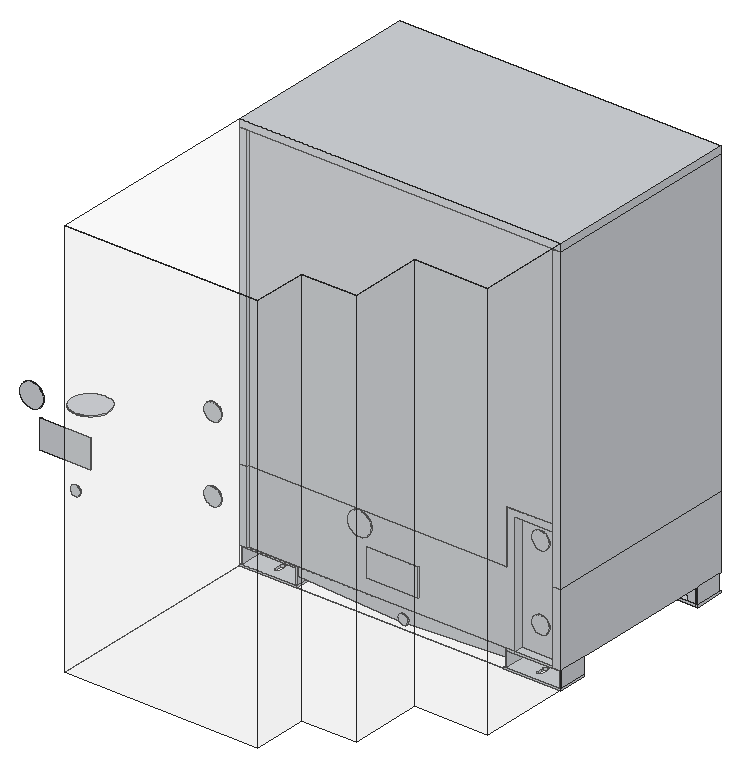
Revit family "pqry-p224_1000(s)dmg9_60Hz", category 機械設備, Revit 2019 (continued)
Definition of nested family "outline_w"
  Lines and regions (mm)
    model lines, not visible, detail levels fine
      curve 13: line (460, -150.779, 1289.179) -> (460, -95.75, 1289.179)
      curve 14: line (460, -150.779, 1056.056) -> (460, -150.779, 1289.179)
      curve 15: line (460, -95.75, 1056.056) -> (460, -150.779, 1056.056)
      curve 16: line (460, -95.75, 1289.179) -> (460, -95.75, 1056.056)
      curve 17: line (460, -150.779, 1283.175) -> (460, -132.596, 1283.175)
      curve 18: line (460, -150.779, 1062.059) -> (460, -150.779, 1283.175)
      curve 19: line (460, -132.596, 1062.059) -> (460, -150.779, 1062.059)
      curve 20: line (460, -132.596, 1283.175) -> (460, -132.596, 1062.059)
      curve 21: line (460, 178.667, 1046.051) -> (460, 297.73, 1046.051)
      curve 22: line (460, 178.667, 812.928) -> (460, 178.667, 1046.051)
      curve 23: line (460, 297.73, 812.928) -> (460, 178.667, 812.928)
      curve 24: line (460, 297.73, 1046.051) -> (460, 297.73, 812.928)
      curve 25: line (460, 47.598, 1046.051) -> (460, 166.661, 1046.051)
      curve 26: line (460, 47.598, 812.928) -> (460, 47.598, 1046.051)
      curve 27: line (460, 166.661, 812.928) -> (460, 47.598, 812.928)
      curve 28: line (460, 166.661, 1046.051) -> (460, 166.661, 812.928)
      curve 29: line (460, -83.471, 1046.051) -> (460, 35.592, 1046.051)
      curve 30: line (460, -83.471, 812.928) -> (460, -83.471, 1046.051)
      curve 31: line (460, 35.592, 812.928) -> (460, -83.471, 812.928)
      curve 32: line (460, 35.592, 1046.051) -> (460, 35.592, 812.928)
      curve 33: line (460, -150.779, 1046.051) -> (460, -95.75, 1046.051)
      curve 34: line (460, -150.779, 812.928) -> (460, -150.779, 1046.051)
      curve 35: line (460, -95.75, 812.928) -> (460, -150.779, 812.928)
      curve 36: line (460, -95.75, 1046.051) -> (460, -95.75, 812.928)
      curve 37: line (460, -150.779, 1040.048) -> (460, -132.596, 1040.048)
      curve 38: line (460, -150.779, 818.931) -> (460, -150.779, 1040.048)
      curve 39: line (460, -132.596, 818.931) -> (460, -150.779, 818.931)
      curve 40: line (460, -132.596, 1040.048) -> (460, -132.596, 818.931)
      curve 41: line (460, 178.667, 802.923) -> (460, 297.73, 802.923)
      curve 42: line (460, 178.667, 569.8) -> (460, 178.667, 802.923)
      curve 43: line (460, 297.73, 569.8) -> (460, 178.667, 569.8)
      curve 44: line (460, 297.73, 802.923) -> (460, 297.73, 569.8)
      curve 45: line (460, 47.598, 802.923) -> (460, 166.661, 802.923)
      curve 46: line (460, 47.598, 569.8) -> (460, 47.598, 802.923)
      curve 47: line (460, 166.661, 569.8) -> (460, 47.598, 569.8)
      curve 48: line (460, 166.661, 802.923) -> (460, 166.661, 569.8)
      curve 49: line (460, -83.471, 802.923) -> (460, 35.592, 802.923)
      curve 50: line (460, -83.471, 569.8) -> (460, -83.471, 802.923)
      curve 51: line (460, 35.592, 569.8) -> (460, -83.471, 569.8)
      curve 52: line (460, 35.592, 802.923) -> (460, 35.592, 569.8)
      curve 53: line (460, -150.779, 802.923) -> (460, -95.75, 802.923)
      curve 54: line (460, -150.779, 569.8) -> (460, -150.779, 802.923)
      curve 55: line (460, -95.75, 569.8) -> (460, -150.779, 569.8)
      curve 56: line (460, -95.75, 802.923) -> (460, -95.75, 569.8)
      curve 57: line (460, -150.779, 796.92) -> (460, -132.596, 796.92)
      curve 58: line (460, -150.779, 575.803) -> (460, -150.779, 796.92)
      curve 59: line (460, -132.596, 575.803) -> (460, -150.779, 575.803)
      curve 60: line (460, -132.596, 796.92) -> (460, -132.596, 575.803)
      curve 61: line (460, 178.667, 559.795) -> (460, 297.73, 559.795)
      curve 62: line (460, 178.667, 326.672) -> (460, 178.667, 559.795)
      curve 63: line (460, 297.73, 326.672) -> (460, 178.667, 326.672)
      curve 64: line (460, 297.73, 559.795) -> (460, 297.73, 326.672)
      curve 65: line (460, 47.598, 559.795) -> (460, 166.661, 559.795)
      curve 66: line (460, 47.598, 326.672) -> (460, 47.598, 559.795)
      curve 67: line (460, 166.661, 326.672) -> (460, 47.598, 326.672)
      curve 68: line (460, 166.661, 559.795) -> (460, 166.661, 326.672)
      curve 69: line (460, -83.471, 559.795) -> (460, 35.592, 559.795)
      curve 70: line (460, -83.471, 326.672) -> (460, -83.471, 559.795)
      curve 71: line (460, 35.592, 326.672) -> (460, -83.471, 326.672)
      curve 72: line (460, 35.592, 559.795) -> (460, 35.592, 326.672)
      curve 73: line (460, -150.779, 559.795) -> (460, -95.75, 559.795)
      curve 74: line (460, -150.779, 326.672) -> (460, -150.779, 559.795)
      curve 75: line (460, -95.75, 326.672) -> (460, -150.779, 326.672)
      curve 76: line (460, -95.75, 559.795) -> (460, -95.75, 326.672)
      curve 77: line (460, -150.779, 553.792) -> (460, -132.596, 553.792)
      curve 78: line (460, -150.779, 332.675) -> (460, -150.779, 553.792)
      curve 79: line (460, -132.596, 332.675) -> (460, -150.779, 332.675)
      curve 80: line (460, -132.596, 553.792) -> (460, -132.596, 332.675)
      curve 81: line (460, 178.667, 316.667) -> (460, 297.73, 316.667)
      curve 82: line (460, 178.667, 83.544) -> (460, 178.667, 316.667)
      curve 83: line (460, 297.73, 83.544) -> (460, 178.667, 83.544)
      curve 84: line (460, 297.73, 316.667) -> (460, 297.73, 83.544)
      curve 85: line (460, 47.598, 316.667) -> (460, 166.661, 316.667)
      curve 86: line (460, 47.598, 83.544) -> (460, 47.598, 316.667)
      curve 87: line (460, 166.661, 83.544) -> (460, 47.598, 83.544)
      curve 88: line (460, 166.661, 316.667) -> (460, 166.661, 83.544)
      curve 89: line (460, -83.471, 316.667) -> (460, 35.592, 316.667)
      curve 90: line (460, -83.471, 83.544) -> (460, -83.471, 316.667)
      curve 91: line (460, 35.592, 83.544) -> (460, -83.471, 83.544)
      curve 92: line (460, 35.592, 316.667) -> (460, 35.592, 83.544)
      curve 93: line (460, -150.779, 316.667) -> (460, -95.75, 316.667)
      curve 94: line (460, -150.779, 83.544) -> (460, -150.779, 316.667)
      curve 95: line (460, -95.75, 83.544) -> (460, -150.779, 83.544)
      curve 96: line (460, -95.75, 316.667) -> (460, -95.75, 83.544)
      curve 97: line (460, -150.779, 310.664) -> (460, -132.596, 310.664)
      curve 98: line (460, -150.779, 89.547) -> (460, -150.779, 310.664)
      curve 99: line (460, -132.596, 89.547) -> (460, -150.779, 89.547)
      curve 100: line (460, -132.596, 310.664) -> (460, -132.596, 89.547)
  Dimensions and locks
    "Depth": plane 4 to plane 5
    equal spacing: plane 4, plane 1 "中心(正面/背面)", plane 5
    "W": plane 6 to plane 14
    locked: plane 9 "本体下部" to plane 2 at 54
    plane 4 to plane 10 = 740.00 mm
    plane 11 "電源高さ" to level = 262.00 mm
    plane 8 to plane 7 = 303.00 mm
    plane 7 to plane 2 = 797.00 mm
    "Height": plane 8 to plane 2
    level to plane 12 "冷媒管高さ" = 262.00 mm
    locked: plane 9 "本体下部" to plane 13 "冷媒操作弁ガス芯4" at 1
    equal spacing: plane 6, plane 3 "中心(左/右)", plane 14
    plane 17 to level = 262.00 mm
  Automatic sketch dimensions
    plane 4 to Extrusion 1 sketch curve = 0.00 mm
    Extrusion 1 sketch curve to plane 6 = 0.00 mm
    Extrusion 1 sketch curve to plane 14 = 0.00 mm
    plane 5 to Extrusion 1 sketch curve = 0.00 mm
Types (20, lengths in mm): name | 音響パワーレベル(dB) | 電動機出力_圧縮機 | 運転質量 | 製品質量 | 熱源水量 | 消費電力_暖房 | 消費電力_冷房 | 消費電力 | 水熱交換機器　保有水量 | 最小電線太さ_mm2 | 最大電流値 | 暖房能力 | 損失水頭_熱源水一次側 | 推奨ブレーカー容量 | 冷媒液管径 | 冷媒ガス管径 | ユニット2 | 冷房能力 | 冷媒管径符号 | ユニット数 | ユニット2電源幅 | ユニット2ダクト左位置 | ユニット2水配管出口高さ | ユニット2水配管出口幅 | ユニット2水配管入口高さ | ユニット2水配管入口幅 | ユニット2冷媒高圧径 | ユニット2冷媒管高さ | ユニット2冷媒管幅 | ユニット2冷媒管奥行き | ユニット2冷媒低圧径 | ユニット2ドレン幅 | ユニット2表示 | ユニット1 | ユニット1電源幅 | ユニット1ダクト左位置 | ユニット1水配管出口高さ | ユニット1水配管出口幅 | ユニット1水配管入口高さ | ユニット1水配管入口幅 | ユニット1冷媒高圧径 | ユニット1冷媒管高さ | ユニット1冷媒管幅 | ユニット1冷媒管奥行き | ユニット1冷媒低圧径 | ユニット1ドレン幅 | モデル | URL | OUTLINE_2 | OUTLINE_1 | Height
  PQRY-P224DMG9 | 67 | 5.1 kW | 178.00 kg | 173.00 kg | 5.76 m³/h | 3.57 kW | 4.05 kW | 4.05 kW | 4.6 | 5.5 | 20 A | 25 kW | 24000.0 Pa | 30 A | 15.88 | 19.05 | PQRY-P-DMG① : PQRY-P224DMG9 | 22.4 kW | "De" | 1 | 555.00 | 394.00 | 208.00 | 77.00 | 124.00 | 77.00 | 15.88 | 185.00 | 463.50 | 91.00 | 19.05 | 435.00 | no | PQRY-P-DMG① : PQRY-P224DMG9 | 555.00 | 394.00 | 208.00 | 77.00 | 124.00 | 77.00 | 15.88 | 185.00 | 463.50 | 91.00 | 19.05 | 435.00 | "PQRY-P224DMG9" | "https://www.mitsubishielectric.co.jp/ldg/wink/qr/002/331987/" | outline_w : outline_s | outline_w : outline_s | 1100.00
  PQRY-P280DMG9 | 68.5 | 7.1 kW | 178.00 kg | 173.00 kg | 5.76 m³/h | 5.43 kW | 6.46 kW | 6.46 kW | 4.6 | 8 | 31.9 A | 31.5 kW | 24000.0 Pa | 40 A | 19.05 | 22.20 | PQRY-P-DMG① : PQRY-P280DMG9 | 28 kW | "Ef" | 1 | 555.00 | 394.00 | 208.00 | 77.00 | 124.00 | 77.00 | 19.05 | 185.00 | 463.50 | 91.00 | 22.20 | 435.00 | no | PQRY-P-DMG① : PQRY-P280DMG9 | 555.00 | 394.00 | 208.00 | 77.00 | 124.00 | 77.00 | 19.05 | 185.00 | 463.50 | 91.00 | 22.20 | 435.00 | "PQRY-P280DMG9" | "https://www.mitsubishielectric.co.jp/ldg/wink/qr/002/331988/" | outline_w : outline_s | outline_w : outline_s | 1100.00
  PQRY-P335DMG9 | 72.5 | 7.9 kW | 178.00 kg | 173.00 kg | 5.76 m³/h | 6.42 kW | 7.59 kW | 7.59 kW | 4.6 | 14 | 37.5 A | 37.5 kW | 24000.0 Pa | 40 A | 19.05 | 22.20 | PQRY-P-DMG① : PQRY-P335DMG9 | 33.5 kW | "Ef" | 1 | 555.00 | 394.00 | 208.00 | 77.00 | 124.00 | 77.00 | 19.05 | 185.00 | 463.50 | 91.00 | 22.20 | 435.00 | no | PQRY-P-DMG① : PQRY-P335DMG9 | 555.00 | 394.00 | 208.00 | 77.00 | 124.00 | 77.00 | 19.05 | 185.00 | 463.50 | 91.00 | 22.20 | 435.00 | "PQRY-P335DMG9" | "https://www.mitsubishielectric.co.jp/ldg/wink/qr/002/331989/" | outline_w : outline_s | outline_w : outline_s | 1100.00
  PQRY-P400DMG9 | 71 | 9.5 kW | 255.00 kg | 250.00 kg | 11.52 m³/h | 6.97 kW | 8.65 kW | 8.65 kW | 9.2 | 14 | 42.7 A | 45 kW | 45000.0 Pa | 50 A | 19.05 | 25.40 | PQRY-P-DMG② : PQRY-P400DMG9 | 40 kW | "Eｇ" | 1 | 554.00 | 393.00 | 320.00 | 82.00 | 367.00 | 82.00 | 19.05 | 278.00 | 467.50 | 84.00 | 25.40 | 434.00 | no | PQRY-P-DMG② : PQRY-P400DMG9 | 554.00 | 393.00 | 320.00 | 82.00 | 367.00 | 82.00 | 19.05 | 278.00 | 467.50 | 84.00 | 25.40 | 434.00 | "PQRY-P400DMG9" | "https://www.mitsubishielectric.co.jp/ldg/wink/qr/002/331990/" | outline_w : outline_L | outline_w : outline_L | 1450.00
  PQRY-P450DMG9 | 71 | 10.2 kW | 255.00 kg | 250.00 kg | 11.52 m³/h | 7.05 kW | 9.37 kW | 9.37 kW | 9.2 | 14 | 46.3 A | 50 kW | 45000.0 Pa | 50 A | 22.20 | 28.58 | PQRY-P-DMG② : PQRY-P450DMG9 | 45 kW | "Fh" | 1 | 554.00 | 393.00 | 320.00 | 82.00 | 367.00 | 82.00 | 22.20 | 278.00 | 467.50 | 84.00 | 28.58 | 434.00 | no | PQRY-P-DMG② : PQRY-P450DMG9 | 554.00 | 393.00 | 320.00 | 82.00 | 367.00 | 82.00 | 22.20 | 278.00 | 467.50 | 84.00 | 28.58 | 434.00 | "PQRY-P450DMG9" | "https://www.mitsubishielectric.co.jp/ldg/wink/qr/002/331991/" | outline_w : outline_L | outline_w : outline_L | 1450.00
  PQRY-P500DMG9 | 71.5 | 12.3 kW | 255.00 kg | 250.00 kg | 11.52 m³/h | 8.73 kW | 11.9 kW | 11.9 kW | 9.2 | 22 | 58.8 A | 56 kW | 45000.0 Pa | 75 A | 22.20 | 28.58 | PQRY-P-DMG② : PQRY-P500DMG9 | 50 kW | "Fh" | 1 | 554.00 | 393.00 | 320.00 | 82.00 | 367.00 | 82.00 | 22.20 | 278.00 | 467.50 | 84.00 | 28.58 | 434.00 | no | PQRY-P-DMG② : PQRY-P500DMG9 | 554.00 | 393.00 | 320.00 | 82.00 | 367.00 | 82.00 | 22.20 | 278.00 | 467.50 | 84.00 | 28.58 | 434.00 | "PQRY-P500DMG9" | "https://www.mitsubishielectric.co.jp/ldg/wink/qr/002/331992/" | outline_w : outline_L | outline_w : outline_L | 1450.00
  PQRY-P560DMG9 | 72 | 13.3 kW | 255.00 kg | 250.00 kg | 11.52 m³/h | 9.93 kW | 13.9 kW | 13.9 kW | 9.2 | 22 | 64.7 A | 63 kW | 45000.0 Pa | 75 A | 22.20 | 28.58 | PQRY-P-DMG② : PQRY-P560DMG9 | 56 kW | "Fh" | 1 | 554.00 | 393.00 | 320.00 | 82.00 | 367.00 | 82.00 | 22.20 | 278.00 | 467.50 | 84.00 | 28.58 | 434.00 | no | PQRY-P-DMG② : PQRY-P560DMG9 | 554.00 | 393.00 | 320.00 | 82.00 | 367.00 | 82.00 | 22.20 | 278.00 | 467.50 | 84.00 | 28.58 | 434.00 | "PQRY-P560DMG9" | "https://www.mitsubishielectric.co.jp/ldg/wink/qr/002/331993/" | outline_w : outline_L | outline_w : outline_L | 1450.00
  PQRY-P630DMG9 | 73 | 16 kW | 255.00 kg | 250.00 kg | 11.52 m³/h | 11.8 kW | 16.6 kW | 16.6 kW | 9.2 | 22 | 64.7 A | 69 kW | 45000.0 Pa | 75 A | 25.40 | 28.58 | PQRY-P-DMG② : PQRY-P630DMG9 | 63 kW | "Gh" | 1 | 554.00 | 393.00 | 320.00 | 82.00 | 367.00 | 82.00 | 25.40 | 278.00 | 467.50 | 84.00 | 28.58 | 434.00 | no | PQRY-P-DMG② : PQRY-P630DMG9 | 554.00 | 393.00 | 320.00 | 82.00 | 367.00 | 82.00 | 25.40 | 278.00 | 467.50 | 84.00 | 28.58 | 434.00 | "PQRY-P630DMG9" | "https://www.mitsubishielectric.co.jp/ldg/wink/qr/002/331994/" | outline_w : outline_L | outline_w : outline_L | 1450.00
  PQRY-P670DMG9 | 73.5 | 16.1 kW | 255.00 kg | 250.00 kg | 11.52 m³/h | 13.7 kW | 18.1 kW | 18.1 kW | 9.2 | 22 | 64.7 A | 77.5 kW | 45000.0 Pa | 75 A | 25.40 | 31.75 | PQRY-P-DMG② : PQRY-P670DMG9 | 67 kW | "Gi" | 1 | 554.00 | 393.00 | 320.00 | 82.00 | 367.00 | 82.00 | 25.40 | 278.00 | 467.50 | 84.00 | 31.75 | 434.00 | no | PQRY-P-DMG② : PQRY-P670DMG9 | 554.00 | 393.00 | 320.00 | 82.00 | 367.00 | 82.00 | 25.40 | 278.00 | 467.50 | 84.00 | 31.75 | 434.00 | "PQRY-P670DMG9" | "https://www.mitsubishielectric.co.jp/ldg/wink/qr/002/331995/" | outline_w : outline_L | outline_w : outline_L | 1450.00
  PQRY-P450SDMG9 | 70 | 10.2 kW | 356.00 kg | 346.00 kg | 11.52 m³/h | 6.72 kW | 8.45 kW | 8.45 kW | 9.2 | 14 | 41.7 A | 50 kW | 24000.0 Pa | 50 A | 22.20 | 28.58 | PQRY-P-DMG① : PQRY-P224DMG9 | 45 kW | "Fh" | 2 | 555.00 | 394.00 | 208.00 | 77.00 | 124.00 | 77.00 | 15.88 | 185.00 | 463.50 | 91.00 | 19.05 | 435.00 | yes | PQRY-P-DMG① : PQRY-P224DMG9 | 555.00 | 394.00 | 208.00 | 77.00 | 124.00 | 77.00 | 15.88 | 185.00 | 463.50 | 91.00 | 19.05 | 435.00 | "PQRY-P450SDMG9" | "https://www.mitsubishielectric.co.jp/ldg/wink/qr/002/331996/" | outline_w : outline_s | outline_w : outline_s | 1100.00
  PQRY-P500SDMG9 | 71 | 12.2 kW | 356.00 kg | 346.00 kg | 11.52 m³/h | 8.32 kW | 10.5 kW | 10.5 kW | 9.2 | 22 | 51.9 A | 56 kW | 24000.0 Pa | 60 A | 22.20 | 28.58 | PQRY-P-DMG① : PQRY-P224DMG9 | 50 kW | "Fh" | 2 | 555.00 | 394.00 | 208.00 | 77.00 | 124.00 | 77.00 | 15.88 | 185.00 | 463.50 | 91.00 | 19.05 | 435.00 | yes | PQRY-P-DMG① : PQRY-P280DMG9 | 555.00 | 394.00 | 208.00 | 77.00 | 124.00 | 77.00 | 19.05 | 185.00 | 463.50 | 91.00 | 22.20 | 435.00 | "PQRY-P500SDMG9" | "https://www.mitsubishielectric.co.jp/ldg/wink/qr/002/331997/" | outline_w : outline_s | outline_w : outline_s | 1100.00
  PQRY-P560SDMG9 | 71.5 | 14.2 kW | 356.00 kg | 346.00 kg | 11.52 m³/h | 9.47 kW | 12.6 kW | 12.6 kW | 9.2 | 22 | 59 A | 63 kW | 24000.0 Pa | 60 A | 22.20 | 28.58 | PQRY-P-DMG① : PQRY-P280DMG9 | 56 kW | "Fh" | 2 | 555.00 | 394.00 | 208.00 | 77.00 | 124.00 | 77.00 | 19.05 | 185.00 | 463.50 | 91.00 | 22.20 | 435.00 | yes | PQRY-P-DMG① : PQRY-P280DMG9 | 555.00 | 394.00 | 208.00 | 77.00 | 124.00 | 77.00 | 19.05 | 185.00 | 463.50 | 91.00 | 22.20 | 435.00 | "PQRY-P560SDMG9" | "https://www.mitsubishielectric.co.jp/ldg/wink/qr/002/331998/" | outline_w : outline_s | outline_w : outline_s | 1100.00
  PQRY-P630SDMG9 | 74 | 15 kW | 356.00 kg | 346.00 kg | 11.52 m³/h | 11.4 kW | 14.4 kW | 14.4 kW | 9.2 | 38 | 71.1 A | 69 kW | 24000.0 Pa | 75 A | 25.40 | 28.58 | PQRY-P-DMG① : PQRY-P280DMG9 | 63 kW | "Gh" | 2 | 555.00 | 394.00 | 208.00 | 77.00 | 124.00 | 77.00 | 19.05 | 185.00 | 463.50 | 91.00 | 22.20 | 435.00 | yes | PQRY-P-DMG① : PQRY-P335DMG9 | 555.00 | 394.00 | 208.00 | 77.00 | 124.00 | 77.00 | 19.05 | 185.00 | 463.50 | 91.00 | 22.20 | 435.00 | "PQRY-P630SDMG9" | "https://www.mitsubishielectric.co.jp/ldg/wink/qr/002/331999/" | outline_w : outline_s | outline_w : outline_s | 1100.00
  PQRY-P670SDMG9 | 75.5 | 15.8 kW | 356.00 kg | 346.00 kg | 11.52 m³/h | 13.2 kW | 15.2 kW | 15.2 kW | 9.2 | 38 | 75.1 A | 77.5 kW | 24000.0 Pa | 100 A | 25.40 | 31.75 | PQRY-P-DMG① : PQRY-P335DMG9 | 67 kW | "Gi" | 2 | 555.00 | 394.00 | 208.00 | 77.00 | 124.00 | 77.00 | 19.05 | 185.00 | 463.50 | 91.00 | 22.20 | 435.00 | yes | PQRY-P-DMG① : PQRY-P335DMG9 | 555.00 | 394.00 | 208.00 | 77.00 | 124.00 | 77.00 | 19.05 | 185.00 | 463.50 | 91.00 | 22.20 | 435.00 | "PQRY-P670SDMG9" | "https://www.mitsubishielectric.co.jp/ldg/wink/qr/002/332000/" | outline_w : outline_s | outline_w : outline_s | 1100.00
  PQRY-P730SDMG9 | 70.5 | 18 kW | 510.00 kg | 500.00 kg | 23.04 m³/h | 13.2 kW | 16 kW | 16 kW | 18.4 | 38 | 79 A | 82.5 kW | 90000.0 Pa | 100 A | 25.40 | 31.75 | PQRY-P-DMG② : PQRY-P355KDMG9 | 73 kW | "Gi" | 2 | 554.00 | 393.00 | 320.00 | 82.00 | 367.00 | 82.00 | 19.05 | 278.00 | 467.50 | 84.00 | 25.40 | 434.00 | yes | PQRY-P-DMG② : PQRY-P355KDMG9 | 554.00 | 393.00 | 320.00 | 82.00 | 367.00 | 82.00 | 19.05 | 278.00 | 467.50 | 84.00 | 25.40 | 434.00 | "PQRY-P730SDMG9" | "https://www.mitsubishielectric.co.jp/ldg/wink/qr/002/332001/" | outline_w : outline_L | outline_w : outline_L | 1450.00
  PQRY-P775SDMG9 | 74 | 19 kW | 510.00 kg | 500.00 kg | 23.04 m³/h | 14.1 kW | 17.3 kW | 17.3 kW | 18.4 | 60 | 85.5 A | 90 kW | 90000.0 Pa | 100 A | 28.58 | 31.75 | PQRY-P-DMG② : PQRY-P400DMG9 | 77.5 kW | "Hi" | 2 | 554.00 | 393.00 | 320.00 | 82.00 | 367.00 | 82.00 | 19.05 | 278.00 | 467.50 | 84.00 | 25.40 | 434.00 | yes | PQRY-P-DMG② : PQRY-P400DMG9 | 554.00 | 393.00 | 320.00 | 82.00 | 367.00 | 82.00 | 19.05 | 278.00 | 467.50 | 84.00 | 25.40 | 434.00 | "PQRY-P775SDMG9" | "https://www.mitsubishielectric.co.jp/ldg/wink/qr/002/332002/" | outline_w : outline_L | outline_w : outline_L | 1450.00
  PQRY-P850SDMG9 | 74 | 19.7 kW | 510.00 kg | 500.00 kg | 23.04 m³/h | 14.2 kW | 19.1 kW | 19.1 kW | 18.4 | 60 | 94.4 A | 95 kW | 90000.0 Pa | 100 A | 28.58 | 31.75 | PQRY-P-DMG② : PQRY-P400DMG9 | 85 kW | "Hi" | 2 | 554.00 | 393.00 | 320.00 | 82.00 | 367.00 | 82.00 | 19.05 | 278.00 | 467.50 | 84.00 | 25.40 | 434.00 | yes | PQRY-P-DMG② : PQRY-P450DMG9 | 554.00 | 393.00 | 320.00 | 82.00 | 367.00 | 82.00 | 22.20 | 278.00 | 467.50 | 84.00 | 28.58 | 434.00 | "PQRY-P850SDMG9" | "https://www.mitsubishielectric.co.jp/ldg/wink/qr/002/332003/" | outline_w : outline_L | outline_w : outline_L | 1450.00
  PQRY-P900SDMG9 | 74 | 20.4 kW | 510.00 kg | 500.00 kg | 23.04 m³/h | 14.7 kW | 20.3 kW | 20.3 kW | 18.4 | 60 | 100.3 A | 100 kW | 90000.0 Pa | 125 A | 28.58 | 31.75 | PQRY-P-DMG② : PQRY-P450DMG9 | 90 kW | "Hi" | 2 | 554.00 | 393.00 | 320.00 | 82.00 | 367.00 | 82.00 | 22.20 | 278.00 | 467.50 | 84.00 | 28.58 | 434.00 | yes | PQRY-P-DMG② : PQRY-P450DMG9 | 554.00 | 393.00 | 320.00 | 82.00 | 367.00 | 82.00 | 22.20 | 278.00 | 467.50 | 84.00 | 28.58 | 434.00 | "PQRY-P900SDMG9" | "https://www.mitsubishielectric.co.jp/ldg/wink/qr/002/332004/" | outline_w : outline_L | outline_w : outline_L | 1450.00
  PQRY-P950SDMG9 | 74.5 | 22.5 kW | 510.00 kg | 500.00 kg | 23.04 m³/h | 15.9 kW | 22.7 kW | 22.7 kW | 18.4 | 100 | 112.1 A | 106 kW | 90000.0 Pa | 125 A | 28.58 | 38.10 | PQRY-P-DMG② : PQRY-P450DMG9 | 95 kW | "Hk" | 2 | 554.00 | 393.00 | 320.00 | 82.00 | 367.00 | 82.00 | 22.20 | 278.00 | 467.50 | 84.00 | 28.58 | 434.00 | yes | PQRY-P-DMG② : PQRY-P500DMG9 | 554.00 | 393.00 | 320.00 | 82.00 | 367.00 | 82.00 | 22.20 | 278.00 | 467.50 | 84.00 | 28.58 | 434.00 | "PQRY-P950SDMG9" | "https://www.mitsubishielectric.co.jp/ldg/wink/qr/002/332092/" | outline_w : outline_L | outline_w : outline_L | 1450.00
  PQRY-P1000SDMG9 | 74.5 | 24.6 kW | 510.00 kg | 500.00 kg | 23.04 m³/h | 17.5 kW | 24.6 kW | 24.6 kW | 18.4 | 100 | 121.5 A | 112 kW | 90000.0 Pa | 150 A | 28.58 | 38.10 | PQRY-P-DMG② : PQRY-P500DMG9 | 100 kW | "Hk" | 2 | 554.00 | 393.00 | 320.00 | 82.00 | 367.00 | 82.00 | 22.20 | 278.00 | 467.50 | 84.00 | 28.58 | 434.00 | yes | PQRY-P-DMG② : PQRY-P500DMG9 | 554.00 | 393.00 | 320.00 | 82.00 | 367.00 | 82.00 | 22.20 | 278.00 | 467.50 | 84.00 | 28.58 | 434.00 | "PQRY-P1000SDMG9" | "https://www.mitsubishielectric.co.jp/ldg/wink/qr/002/332006/" | outline_w : outline_L | outline_w : outline_L | 1450.00
